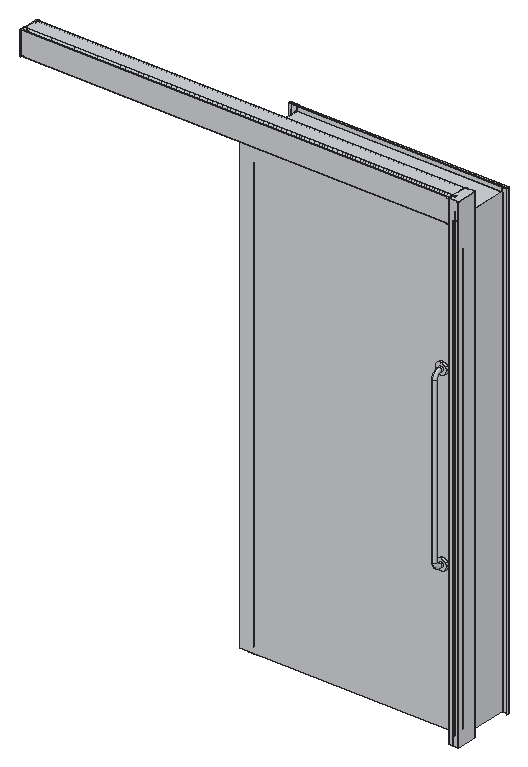
Revit family "R0000103", category Türen, Revit 2021 (continued)
Definition of nested family "BOS-Türblatt-Schiebetürzargen_Modell-21"
  Dimensions and locks
    "TAB Türblatt Außenmaß Breite": plane 3 to plane 4
    "TAH Türblatt Außenmaß Höhe": plane 8 to plane 7
    equal spacing: plane 5, plane 1, plane 6
    "Griffposition": plane 3 to plane 10 "Griff"
    "Türblattreferenz": plane 11 "LDB links" to plane 4
    "Aufdopplungstiefe": Extrusion 3 sketch curve to Extrusion 3 sketch curve
    "Aufdopplungsbreite": Extrusion 3 sketch curve to Extrusion 3 sketch curve
    "Aufdopplungslage": Extrusion 3 to plane 4
    "Griffhöhe": plane 9 to plane 7
    "Führungsnutbreite": Extrusion 2 sketch curve to Extrusion 2 sketch curve
    equal spacing: Extrusion 2 sketch curve, plane 1, Extrusion 2 sketch curve
    "Führungsnuttiefe": Extrusion 2 sketch curve to Extrusion 2 sketch curve
    "Bekleidung": plane 3 to plane 13
    "Bekleidung": plane 12 to plane 4
    aligned and locked: level to plane 2
    aligned and locked: Extrusion 1 sketch curve to plane 4
    aligned and locked: Extrusion 1 sketch curve to plane 5
    aligned and locked: Extrusion 1 sketch curve to plane 6
    aligned and locked: plane 3 to Extrusion 1 sketch curve
    aligned and locked: Extrusion 1 to plane 7
    aligned and locked: Extrusion 1 to plane 8
    aligned and locked: plane 5 to Extrusion 3 sketch curve
    aligned and locked: Extrusion 3 to plane 8
    aligned and locked: plane 7 to Extrusion 2 sketch curve
    aligned and locked: Extrusion 3 to plane 7
    aligned and locked: plane 12 to Extrusion 2
    aligned and locked: Extrusion 2 to plane 13
    aligned and locked: plane 9 to nested 1
    aligned and locked: nested 2 to plane 9
    aligned and locked: nested 2 to plane 5
    aligned and locked: plane 6 to nested 1
    aligned and locked: nested 1 to plane 10 "Griff"
    aligned and locked: nested 2 to plane 10 "Griff"
  Automatic sketch dimensions
    Extrusion 3 sketch curve to plane 10 "Griff" = 275 mm
  Nested families
    nested 1: "BOS-Stoßgriff_Modell-21" at (951, 89, 1077.5), visible <- "Stoßgriff", type "BOS-Stoßgriff_Modell-21", detail levels fine
    nested 2: "BOS-Stoßgriff_Modell-21" at (951, 129, 1077.5), visible <- "Stoßgriff", type "BOS-Stoßgriff_Modell-21", detail levels fine
  Definition of nested family "BOS-Stoßgriff_Modell-21"
    Parameters (values of type "BOS-Stoßgriff_Modell-21")
      Default Elevation = 0 mm
      URL = "www.BestOfSteel.de"
      Grifflänge = 800 mm
      Griffradius = 9 mm
      Rechtliche Hinweise = "www.BestOfSteel.de/tools-downloads/bim-building-information-modeling/"
      Model = ""
      Material - Türgriff = none
      Grifftiefe = 46 mm
      Description = "Stoßgriff"
      Keynote = "BOS Modell"
      BOS-Architekten-Beratung = "Tel.: +49 (0) 2572 203-203; E-Mail: architekten@BestOfSteel.de"
      Allgemeine Informationen zu Stahlzargen = "www.BestOfSteel.de/tools-downloads/technische-infos-rund-um-die-stahlzarge/"
    Reference planes
      plane 1: y = 0
      plane 2: z = 0
      plane 3: x = 0
      plane 4: z = 400
      plane 5: z = -400
      plane 6: y = -46
    Forms (mm)
      Sweep 1, solid, material <- "Material - Türgriff"
        path origin (0, 0, 0) x (0, 1, 0) y (0, 0, 1)
          loop
            line (-10, 400) -> (-20.5, 400)
            arc (-20.5, 400) -> (-38.531, 392.531) -> (-46, 374.5) r 25.5
            line (-46, 374.5) -> (-46, -374.5)
            arc (-46, -374.5) -> (-38.531, -392.531) -> (-20.5, -400) r 25.5
            line (-20.5, -400) -> (-10, -400)
        profile origin (0, -15.25, 400) x (0, 0, -1) y (1, 0, 0)
          loop
            circle (0, 0) r 9
      Extrusion 2, solid, material <- "Material - Türgriff"
        sketch origin (0, 0, 0) x (1, 0, 0) y (0, 0, 1)
          loop
            circle (0, 400) r 25
          loop
            circle (0, -400) r 25
        from 0 to 10
    Cuts and joins
      joined: Sweep 1, Extrusion 2
    Dimensions and locks
      equal spacing: plane 4, plane 2, plane 5
      "Grifflänge": plane 4 to plane 5
      "Grifftiefe": plane 6 to plane 1
      "Griffradius": radius of Sweep 1 sketch curve
      aligned and locked: Sweep 1 sketch curve to plane 6
      aligned and locked: Sweep 1 sketch curve to plane 5
      aligned and locked: Sweep 1 sketch curve to plane 4
    Automatic sketch dimensions
      Extrusion 2 sketch curve to plane 3 = 0 mm  (x2)
      Extrusion 2 sketch curve to plane 5 = 0 mm
      Extrusion 2 sketch curve to plane 4 = 0 mm
      Sweep 1 sketch curve to Sweep 1 sketch curve = 10.5 mm
      plane 1 to Sweep 1 sketch curve = 20.5 mm  (x2)
      plane 1 to Sweep 1 sketch curve = 10 mm
      Sweep 1 sketch curve to plane 3 = 0 mm
      Sweep 1 sketch curve to profile plane = 0 mm
      radius of Extrusion 2 sketch curve = 25 mm  (x2)
Definition of nested family "BOS-Info-Texte_Beschriftung-21"
  Parameters (values of type "Drückerhöhe Warnung")
    Unten = yes
    Schwarz = yes
    Rot = no
    Oben = no
    Info-Text En unten = "Please take the handle depth/height and/or DIN opening direction into account!"
    Info-Text De unten = "Drückertiefen/-höhen und/oder DIN Richtungen beachten/anpassen!"
    Info-Text En oben = "Kein Text"
    Englisch unten rot = and(and(Unten, Englisch), Rot)  # no
    Englisch unten schwarz = and(and(Unten, Englisch), Schwarz)  # no
    Englisch oben rot = and(and(Oben, Englisch), Rot)  # no
    Englisch oben schwarz = and(and(Oben, Englisch), Schwarz)  # no
    Info-Text De oben = "Kein Text"
    Warndreieck = yes
    Fehlerkreis = no
    Englisch = no
    Deutsch unten rot = and(and(Unten, Deutsch), Rot)  # no
    Deutsch unten schwarz = and(and(Unten, Deutsch), Schwarz)  # yes
    Deutsch oben rot = and(and(Oben, Deutsch), Rot)  # no
    Deutsch oben schwarz = and(and(Oben, Deutsch), Schwarz)  # no
    Deutsch = not(Englisch)  # yes
    Ausrufezeichen = "!"
  Types (15, lengths in mm): name | Unten | Schwarz | Rot | Oben | Info-Text En unten | Info-Text De unten | Info-Text En oben | Info-Text De oben | Warndreieck | Fehlerkreis | Deutsch unten schwarz | Deutsch oben rot | Deutsch oben schwarz
    Rechtliche Hinweise | no | yes | no | yes | "Kein Text" | "Kein Text" | "In accordance with the protection note according to DIN 34, the ownership and copyrights are reserved!\r\n© 2016 BOS GmbH, Emsdetten, Germany -\r\nObserve the ISO 16016 protective label (see ID data)!\r\n\r\nSubject to technical change!" | "Entsprechend dem Schutzvermerk nach DIN 34 behalten wir uns Eigentum und Urheberrecht vor!\r\n© 2016 BOS GmbH, Emsdetten, Deutschland -\r\nSchutzvermerk ISO 16016 beachten (siehe ID-Daten)!\r\n\r\nTechnische Änderungen vorbehalten!" | no | no | no | no | yes
    Maulweite Fehlermeldung | no | yes | no | yes | "Kein Text" | "Kein Text" | "Check the wall thickness!" | "Wandstärke prüfen!" | no | yes | no | no | yes
    Verstellbereich | no | yes | no | yes | "Kein Text" | "Kein Text" | "Adjustment area from -5 to +15mm,\r\nother adjustment areas possible" | "Verstellbereich von -5 bis +15mm\r\nanderer Verstellbereich möglich" | no | no | no | no | yes
    Verstellbereich wSvdW | no | yes | no | yes | "Kein Text" | "Kein Text" | "Adjustment area in the soffit from -2 to +15mm,\r\nother adjustment areas possible" | "Verstellbereich in der Zargenleibung von -2 bis +15mm\r\nanderer Verstellbereich möglich" | no | no | no | no | yes
    Wandartauswahl 15Nz15Z | no | yes | no | yes | "Kein Text" | "Kein Text" | "Attention for stud walls: underlay from site required!\r\nFor DIN door leaves, select larger structural wall measurements.\r\nFor selection \"stud walls\":\r\nsee 'Features' (remove tick for brick walls)" | "Achtung bei Ständerwerk: bauseitige Unterfütterung erforderlich!\r\nBei DIN-Türblatt Rohbaumaße größer wählen.\r\nFür Auswahl \"Ständerwerk\": \r\nsiehe 'Eigenschaften' (Häkchen entfernen bei Mauerwerk)." | no | no | no | no | yes
    Technische Hinweise | no | yes | no | yes | "Kein Text" | "Kein Text" | "Due to manufacturing reasons this Revit family may not be changed\r\nwithout consulting BOS!\r\n\r\nDo not mirror frames (door list)!\r\nsee ‘Features’: DIN left / DIN right\r\n\r\nThe solid and stud walls or, for example, their profiles,\r\nmust be designed so that they can reliably and sustainably\r\nabsorb the static and dynamic forces resulting\r\nfrom the load on the door element used." | "Diese Revit-Familie darf aus fertigungstechnischen Gründen\r\nnicht ohne Rücksprache mit BOS abgeändert werden!\r\n\r\nZargen nicht spiegeln (Türliste)!\r\nsiehe 'Eigenschaften': DIN links / DIN rechts\r\n\r\nDie Massiv- und Ständerwerkswände bzw. deren Profile\r\nmüssen so ausgebildet sein, dass sie die statischen\r\nund dynamischen Kräfte, welche sich aus der Belastung\r\ndes verwendeten Türelements ergeben, zuverlässig\r\nund nachhaltig aufnehmen können." | no | no | no | no | yes
    Drückerhöhe Warnung | yes | yes | no | no | "Please take the handle depth/height and/or DIN opening direction into account!" | "Drückertiefen/-höhen und/oder DIN Richtungen beachten/anpassen!" | "Kein Text" | "Kein Text" | yes | no | yes | no | no
    Maulweite-Dehnungsfuge Fehlermeldung | no | yes | no | yes | "Kein Text" | "Kein Text" | "Check the wall thickness and/or expansion joint!" | "Wandstärke und/oder Dehnungsfuge prüfen!" | no | yes | no | no | yes
    Technische Hinweise Norm | no | yes | no | yes | "Kein Text" | "Kein Text" | "Due to manufacturing reasons this Revit family may not be changed\r\nwithout consulting BOS!\r\n\r\nThe solid and stud walls or, for example, their profiles,\r\nmust be designed so that they can reliably and sustainably\r\nabsorb the static and dynamic forces resulting\r\nfrom the load on the door element used." | "Diese Revit-Familie darf aus fertigungstechnischen Gründen\r\nnicht ohne Rücksprache mit BOS abgeändert werden!\r\n\r\nDie Massiv- und Ständerwerkswände bzw. deren Profile\r\nmüssen so ausgebildet sein, dass sie die statischen\r\nund dynamischen Kräfte, welche sich aus der Belastung\r\ndes verwendeten Türelements ergeben, zuverlässig\r\nund nachhaltig aufnehmen können." | no | no | no | no | yes
    Maßauswahl | no | no | yes | yes | "Kein Text" | "Kein Text" | "To choose  Rebate Width/Height Measurement, Receiving Opening\r\nsee 'Features'" | "Auswahl von FMB, FMH, MW\r\nunter 'Eigenschaften'" | no | no | no | yes | no
    Rohbaumaß Warnung (Spiegelbreiten) | no | yes | no | yes | "Kein Text" | "Kein Text" | "For DIN door leaves, select larger structural wall measurements!\r\nWhen changing the architrave widths, the structural measurements change accordingly." | "Bei DIN-Türblatt Rohbaumaße größer wählen!\r\nBei Änderung der Spiegelbreiten, Rohbaumaße beachten." | no | no | no | no | yes
    Drehpunkt Warnung | no | yes | no | yes | "Kein Text" | "Kein Text" | "The actual pivot point of the door leaf\r\nmay differ from the one illustrated!" | "Der tatsächliche Drehpunkt des Türblattes\r\nkann von der Darstellung abweichen!" | no | no | no | no | yes
    Türblattgewicht Hinweis | no | yes | no | yes | "Kein Text" | "Kein Text" | "Attention! Take door leaf weight into account!\r\nSee Webseite" | "Achtung! Türblattgewicht beachten!\r\nSiehe Webseite" | no | no | no | no | yes
    Pendeltürbänder Hinweis | no | yes | no | yes | "Kein Text" | "Kein Text" | "Please observe the instructions for the double action spring hinges\r\ngiven by the door hinge manufacturer Frivado\r\nregarding door leaf width, height and thickness!" | "Die Angaben zu den Pendeltürbändern\r\ndes Herstellers Fridavo beachten: zu \r\nTürblattbreite, -höhe, -dicke und -gewicht!" | no | no | no | no | yes
    Rohbaumaß Warnung | no | yes | no | yes | "Kein Text" | "Kein Text" | "For DIN door leaves, select larger structural wall measurements!" | "Bei DIN-Türblatt Rohbaumaße größer wählen!" | no | no | no | no | yes
  Reference planes
    plane 1: y = 0.955
    plane 2: x = 0
  Lines and regions (mm)
    Filled region 1, type "Gefüllter Bereich Gelb", visible <- "Warndreieck"
      outline origin (-7.188, 1.747, 0) x (1, 0, 0) y (0, 1, 0)
        loop
          line (5.951, -3.033) -> (8.413, -3.033) -> (7.182, -0.9) -> (5.951, -3.033)
    Filled region 2, type "Gefüllter Bereich Rot", visible <- "Fehlerkreis"
      outline origin (0, -3.763, 0) x (1, 0, 0) y (0, 1, 0)
        loop
          circle (0, 3.1) r 1.5
        loop
          line (-0.937, 3.486) -> (-0.937, 2.686) -> (1.023, 2.686) -> (1.023, 3.486) -> (-0.937, 3.486)
    Filled region 3, type "Gefüllter Bereich Weiss", visible <- "Fehlerkreis"
      outline origin (-7.014, -2.062, 0) x (1, 0, 0) y (0, 1, 0)
        loop
          line (6.077, 1.785) -> (6.077, 0.985) -> (8.038, 0.985) -> (8.038, 1.785) -> (6.077, 1.785)
  Text (mm)
    label "Info-Text De oben schwarz" at (0.065, 1.415, 0), shows "Info-Text De oben", visible <- "Deutsch oben schwarz"
    label "!" at (0.065, -0.414, 0), shows "Ausrufezeichen", visible <- "Warndreieck"
    label "Info-Text En oben schwarz" at (0.065, 1.415, 0), shows "Info-Text En oben", visible <- "Englisch oben schwarz"
    label "Info-Text De unten schwarz" at (0.218, -2.468, 0), shows "Info-Text De unten", visible <- "Deutsch unten schwarz"
    label "Info-Text En unten schwarz" at (0.065, -2.419, 0), shows "Info-Text En unten", visible <- "Englisch unten schwarz"
    label "Info-Text En oben rot" at (0.065, 1.415, 0), shows "Info-Text En oben", visible <- "Englisch oben rot"
    label "Info-Text En unten rot" at (0.065, -2.419, 0), shows "Info-Text En unten", visible <- "Englisch unten rot"
    label "Info-Text De unten rot" at (0.065, -2.419, 0), shows "Info-Text De unten", visible <- "Deutsch unten rot"
    label "Info-Text De oben rot" at (-0.371, 1.396, 0), shows "Info-Text De oben", visible <- "Deutsch oben rot"
Definition of nested family "BOS-Logo_Modell-21"
  Parameters (values of type "BOS-Logo_Modell-21")
    Default Elevation = 0 mm
    URL = "www.BestOfSteel.de"
    Rechtliche Hinweise = "www.BestOfSteel.de/tools-downloads/bim-building-information-modeling/"
    Description = "BOS Logo"
    Keynote = "BOS Logo"
    BOS-Architekten-Beratung = "Tel.: +49 (0) 2572 203-203; E-Mail: architekten@BestOfSteel.de"
    Technische Infos rund um die Stahlzarge = "www.BestOfSteel.de/tools-downloads/technische-infos-rund-um-die-stahlzarge/"
    Abstand vertikal = 10 mm
    Abstand horizontal = 8.5 mm
  Reference planes
    plane 1: y = 0
    plane 2: z = 0
    plane 3: x = 0
    plane 4: x = -7
    plane 5: x = 7
    plane 6: y = 8.299
    plane 7: x = 8.5
    plane 8: y = 4.15
    plane 9: x = -8.5
    plane 10: y = 14.15
    plane 11: y = -5.85
  Dimensions and locks
    plane 4 to plane 3 to plane 5 = 7 mm, 7 mm
    "Abstand vertikal": plane 11 to plane 8 to plane 10
    plane 6 to plane 8 to plane 1 = 4.15 mm, 4.15 mm
    "Abstand horizontal": plane 9 to plane 3
    "Abstand horizontal": plane 3 to plane 7
    aligned and locked: level to plane 2
Definition of nested family "BOS-loser-Nagelanker-SvdW-D(SK2)_Detail-21"
  Parameters (values of type "BOS loser Nagelanker links SvdW-D(SK2)")
    URL = "www.BestOfSteel.de"
    Rechtliche Hinweise = "www.BestOfSteel.de/tools-downloads/bim-building-information-modeling/"
    Nagelanker vorne = yes
    MW Maulweite = 200 mm
    BOS-Architekten-Beratung = "Tel.: +49 (0) 2572 203-203; E-Mail: architekten@BestOfSteel.de"
    Technische Infos rund um die Stahlzarge = "www.BestOfSteel.de/tools-downloads/technische-infos-rund-um-die-stahlzarge/"
    Manufacturer = "BOS GmbH Best Of Steel, Lütkenfelde 4, D-48282 Emsdetten"
    Einfügepunkt = 37 mm
    Blechstärke = 1.5 mm
    Description = "loser Nagelanker für LineaOutside"
    Keynote = "BOS Detail"
    Abstandwinkel vorne = not(Nagelanker vorne)  # no
  Types (2, lengths in mm): name | Nagelanker vorne | Abstandwinkel vorne
    BOS loser Nagelanker rechts SvdW-D(SK2) | no | yes
    BOS loser Nagelanker links SvdW-D(SK2) | yes | no
  Reference planes
    plane 1: z = 0
    plane 2: y = 150
    plane 3: x = -15
    plane 4: y = -50
    plane 5: y = 135
    plane 6: x = 20.5
    plane 7: x = -135
    plane 8: x = 22
    plane 9: x = -10
    plane 10: y = 50
    plane 11: y = -35
  Lines and regions (mm)
    detail lines, in view "Ref.-Ebene"
      curve 1: line (-135, 135, 0) -> (-10, 135, 0)
      curve 2: line (-10, 135, 0) -> (-10, -35, 0)
      curve 3: line (-10, -35, 0) -> (-135, -35, 0)
      curve 4: line (-15, 135, 0) -> (-15, -35, 0)
      curve 58: arc (-19.202, 135, 0) -> (-18.228, 135.12, 0) -> (-17.313, 135.474, 0) r 4
      curve 59: arc (-3.947, 145.443, 0) -> (-4.914, 145.337, 0) -> (-5.836, 145.026, 0) r 4.486
      curve 60: arc (15.664, 142.5, 0) -> (20.572, 146.685, 0) -> (17.215, 152.192, 0) r 4.97
      curve 61: arc (15.664, 145.443, 0) -> (17.65, 147.062, 0) -> (16.465, 149.333, 0) r 2.027
      curve 62: arc (7.685, 153.348, 0) -> (10.047, 151.387, 0) -> (12.882, 150.207, 0) r 10.319
      curve 63: line (-4.198, 142.5, 0) -> (-17.313, 135.474, 0)
      curve 64: line (-5.836, 145.026, 0) -> (-18.951, 138, 0)
      curve 65: line (-18.951, 138, 0) -> (-84.231, 138, 0)
      curve 66: line (17.215, 152.192, 0) -> (-6.189, 158.2, 0)
      curve 67: line (-6.189, 158.2, 0) -> (-6.5, 156.989, 0)
      curve 68: line (12.882, 150.207, 0) -> (16.465, 149.333, 0)
      curve 69: line (15.664, 142.5, 0) -> (-4.198, 142.5, 0)
      curve 70: line (15.664, 145.443, 0) -> (-3.947, 145.443, 0)
      curve 71: line (-19.202, 135, 0) -> (-104.365, 135, 0)
      curve 72: arc (-89.72, 136.25, 0) -> (-87.104, 137.529, 0) -> (-84.231, 138, 0) r 9.994
      curve 73: line (-104.365, 135, 0) -> (-104.365, 136.25, 0)
      curve 75: arc (-19.202, 136.25, 0) -> (-18.532, 136.333, 0) -> (-17.903, 136.576, 0) r 2.75
      curve 76: arc (-3.947, 143.75, 0) -> (-4.495, 143.682, 0) -> (-5.009, 143.483, 0) r 2.25
      curve 77: arc (15.488, 143.75, 0) -> (19.175, 146.813, 0) -> (16.839, 150.998, 0) r 3.75
      curve 78: line (-19.202, 136.25, 0) -> (-104.365, 136.25, 0)
      curve 79: line (-5.009, 143.483, 0) -> (-17.903, 136.576, 0)
      curve 80: line (-23.512, 136.25, 0) -> (-23.512, 135, 0)
      curve 81: line (-6.5, 156.989, 0) -> (16.839, 150.998, 0)
      curve 82: line (15.488, 143.75, 0) -> (-3.947, 143.75, 0)
    detail lines, in view "Ref.-Ebene", visible <- "Abstandwinkel vorne"
      curve 5: arc (20.5, -46, 0) -> (19.328, -48.828, 0) -> (16.5, -50, 0) r 4
      curve 6: arc (17.5, -46, 0) -> (17.207, -46.707, 0) -> (16.5, -47, 0) r 1
      curve 7: arc (15.5, -36, 0) -> (16.207, -36.293, 0) -> (16.5, -37, 0) r 1
      curve 8: arc (15.5, -35, 0) -> (16.914, -35.586, 0) -> (17.5, -37, 0) r 2
      curve 9: line (15.5, -35, 0) -> (-107.5, -35, 0)
      curve 10: line (16.5, -50, 0) -> (0.5, -50, 0)
      curve 11: line (0.5, -50, 0) -> (0.5, -47, 0)
      curve 12: line (0.5, -47, 0) -> (16.5, -47, 0)
      curve 13: line (15.5, -36, 0) -> (-107.5, -36, 0)
      curve 14: line (16.5, -37, 0) -> (16.5, -46, 0)
      curve 15: line (16.5, -46, 0) -> (17.5, -46, 0)
      curve 16: line (17.5, -46, 0) -> (17.5, -15, 0)
      curve 17: line (17.5, -15, 0) -> (20.5, -15, 0)
      curve 18: line (20.5, -15, 0) -> (20.5, -46, 0)
      curve 83: line (-107.5, -35, 0) -> (-107.5, -36, 0)
    detail lines, in view "Ref.-Ebene", visible <- "Abstandwinkel vorne", not visible
      curve 19: arc (130.325, 97.294, 0) -> (129.153, 94.466, 0) -> (126.325, 93.294, 0) r 4
      curve 20: arc (127.325, 97.294, 0) -> (127.032, 96.587, 0) -> (126.325, 96.294, 0) r 1
      curve 21: arc (125.325, 107.294, 0) -> (126.032, 107.001, 0) -> (126.325, 106.294, 0) r 1
      curve 22: arc (125.325, 108.294, 0) -> (126.739, 107.708, 0) -> (127.325, 106.294, 0) r 2
      curve 23: line (125.325, 108.294, 0) -> (2.325, 108.294, 0)
      curve 24: line (126.325, 93.294, 0) -> (110.325, 93.294, 0)
      curve 25: line (110.325, 93.294, 0) -> (110.325, 96.294, 0)
      curve 26: line (110.325, 96.294, 0) -> (126.325, 96.294, 0)
      curve 27: line (125.325, 107.294, 0) -> (2.325, 107.294, 0)
      curve 28: line (126.325, 106.294, 0) -> (126.325, 97.294, 0)
      curve 29: line (126.325, 97.294, 0) -> (127.325, 97.294, 0)
      curve 30: line (127.325, 97.294, 0) -> (127.325, 128.294, 0)
      curve 31: line (127.325, 128.294, 0) -> (130.325, 128.294, 0)
      curve 32: line (130.325, 128.294, 0) -> (130.325, 97.294, 0)
      curve 84: line (2.325, 108.294, 0) -> (2.325, 107.294, 0)
    detail lines, in view "Ref.-Ebene", not visible
      curve 33: arc (-156.874, -155.441, 0) -> (-155.9, -155.562, 0) -> (-154.985, -155.915, 0) r 4
      curve 34: arc (-141.619, -165.884, 0) -> (-142.586, -165.779, 0) -> (-143.507, -165.467, 0) r 4.486
      curve 35: arc (-122.007, -162.941, 0) -> (-117.1, -167.126, 0) -> (-120.456, -172.633, 0) r 4.97
      curve 36: arc (-122.007, -165.884, 0) -> (-120.022, -167.503, 0) -> (-121.207, -169.774, 0) r 2.027
      curve 37: arc (-129.986, -173.789, 0) -> (-127.624, -171.828, 0) -> (-124.79, -170.648, 0) r 10.319
      curve 38: line (-141.87, -162.941, 0) -> (-154.985, -155.915, 0)
      curve 39: line (-143.507, -165.467, 0) -> (-156.623, -158.441, 0)
      curve 40: line (-156.623, -158.441, 0) -> (-221.903, -158.441, 0)
      curve 41: line (-120.456, -172.633, 0) -> (-143.861, -178.641, 0)
      curve 42: line (-143.861, -178.641, 0) -> (-144.172, -177.43, 0)
      curve 43: line (-124.79, -170.648, 0) -> (-121.207, -169.774, 0)
      curve 44: line (-122.007, -162.941, 0) -> (-141.87, -162.941, 0)
      curve 45: line (-122.007, -165.884, 0) -> (-141.619, -165.884, 0)
      curve 46: line (-156.874, -155.441, 0) -> (-242.036, -155.441, 0)
      curve 47: arc (-227.391, -156.691, 0) -> (-224.776, -157.97, 0) -> (-221.903, -158.441, 0) r 9.994
      curve 48: line (-242.036, -155.441, 0) -> (-242.036, -156.691, 0)
      curve 50: arc (-156.874, -156.691, 0) -> (-156.204, -156.774, 0) -> (-155.575, -157.017, 0) r 2.75
      curve 51: arc (-141.619, -164.191, 0) -> (-142.166, -164.123, 0) -> (-142.681, -163.925, 0) r 2.25
      curve 52: arc (-122.183, -164.191, 0) -> (-118.497, -167.254, 0) -> (-120.833, -171.44, 0) r 3.75
      curve 53: line (-156.874, -156.691, 0) -> (-242.036, -156.691, 0)
      curve 54: line (-142.681, -163.925, 0) -> (-155.575, -157.017, 0)
      curve 55: line (-161.183, -156.691, 0) -> (-161.183, -155.441, 0)
      curve 56: line (-144.172, -177.43, 0) -> (-120.833, -171.44, 0)
      curve 57: line (-122.183, -164.191, 0) -> (-141.619, -164.191, 0)
    reference lines, in view "Ref.-Ebene", not visible
      curve 49: line (-117.172, -159.474, 0) -> (-117.172, -179.474, 0)
      curve 134: line (-107.172, -159.474, 0) -> (-107.172, -179.474, 0)
    reference lines, in view "Ref.-Ebene"
      curve 74: line (20.5, 139.033, 0) -> (20.5, 159.033, 0)
      curve 133: line (20.5, -39.033, 0) -> (20.5, -59.033, 0)
    detail lines, in view "Ref.-Ebene", visible <- "Nagelanker vorne"
      curve 85: arc (-29.202, -35, 0) -> (-28.228, -35.12, 0) -> (-27.313, -35.474, 0) r 4
      curve 86: arc (-13.947, -45.443, 0) -> (-14.914, -45.337, 0) -> (-15.836, -45.026, 0) r 4.486
      curve 87: arc (5.664, -42.5, 0) -> (10.572, -46.685, 0) -> (7.215, -52.192, 0) r 4.97
      curve 88: arc (5.664, -45.443, 0) -> (7.65, -47.062, 0) -> (6.465, -49.333, 0) r 2.027
      curve 89: arc (-2.315, -53.348, 0) -> (0.047, -51.387, 0) -> (2.882, -50.207, 0) r 10.319
      curve 90: line (-14.198, -42.5, 0) -> (-27.313, -35.474, 0)
      curve 91: line (-15.836, -45.026, 0) -> (-28.951, -38, 0)
      curve 92: line (-28.951, -38, 0) -> (-94.231, -38, 0)
      curve 93: line (7.215, -52.192, 0) -> (-16.189, -58.2, 0)
      curve 94: line (-16.189, -58.2, 0) -> (-16.5, -56.989, 0)
      curve 95: line (2.882, -50.207, 0) -> (6.465, -49.333, 0)
      curve 96: line (5.664, -42.5, 0) -> (-14.198, -42.5, 0)
      curve 97: line (5.664, -45.443, 0) -> (-13.947, -45.443, 0)
      curve 98: line (-29.202, -35, 0) -> (-114.365, -35, 0)
      curve 99: arc (-99.72, -36.25, 0) -> (-97.104, -37.529, 0) -> (-94.231, -38, 0) r 9.994
      curve 100: line (-114.365, -35, 0) -> (-114.365, -36.25, 0)
      curve 101: arc (-29.202, -36.25, 0) -> (-28.532, -36.333, 0) -> (-27.903, -36.576, 0) r 2.75
      curve 102: arc (-13.947, -43.75, 0) -> (-14.495, -43.682, 0) -> (-15.009, -43.483, 0) r 2.25
      curve 103: arc (5.488, -43.75, 0) -> (9.175, -46.813, 0) -> (6.839, -50.998, 0) r 3.75
      curve 104: line (-29.202, -36.25, 0) -> (-114.365, -36.25, 0)
      curve 105: line (-15.009, -43.483, 0) -> (-27.903, -36.576, 0)
      curve 106: line (-33.512, -36.25, 0) -> (-33.512, -35, 0)
      curve 107: line (-16.5, -56.989, 0) -> (6.839, -50.998, 0)
      curve 108: line (5.488, -43.75, 0) -> (-13.947, -43.75, 0)
    detail lines, in view "Ref.-Ebene", visible <- "Nagelanker vorne", not visible
      curve 109: arc (-156.874, -155.441, 0) -> (-155.9, -155.562, 0) -> (-154.985, -155.915, 0) r 4
      curve 110: arc (-141.619, -165.884, 0) -> (-142.586, -165.779, 0) -> (-143.507, -165.467, 0) r 4.486
      curve 111: arc (-122.007, -162.941, 0) -> (-117.1, -167.126, 0) -> (-120.456, -172.633, 0) r 4.97
      curve 112: arc (-122.007, -165.884, 0) -> (-120.022, -167.503, 0) -> (-121.207, -169.774, 0) r 2.027
      curve 113: arc (-129.986, -173.789, 0) -> (-127.624, -171.828, 0) -> (-124.79, -170.648, 0) r 10.319
      curve 114: line (-141.87, -162.941, 0) -> (-154.985, -155.915, 0)
      curve 115: line (-143.507, -165.467, 0) -> (-156.623, -158.441, 0)
      curve 116: line (-156.623, -158.441, 0) -> (-221.903, -158.441, 0)
      curve 117: line (-120.456, -172.633, 0) -> (-143.861, -178.641, 0)
      curve 118: line (-143.861, -178.641, 0) -> (-144.172, -177.43, 0)
      curve 119: line (-124.79, -170.648, 0) -> (-121.207, -169.774, 0)
      curve 120: line (-122.007, -162.941, 0) -> (-141.87, -162.941, 0)
      curve 121: line (-122.007, -165.884, 0) -> (-141.619, -165.884, 0)
      curve 122: line (-156.874, -155.441, 0) -> (-242.036, -155.441, 0)
      curve 123: arc (-227.391, -156.691, 0) -> (-224.776, -157.97, 0) -> (-221.903, -158.441, 0) r 9.994
      curve 124: line (-242.036, -155.441, 0) -> (-242.036, -156.691, 0)
      curve 125: arc (-156.874, -156.691, 0) -> (-156.204, -156.774, 0) -> (-155.575, -157.017, 0) r 2.75
      curve 126: arc (-141.619, -164.191, 0) -> (-142.166, -164.123, 0) -> (-142.681, -163.925, 0) r 2.25
      curve 127: arc (-122.183, -164.191, 0) -> (-118.497, -167.254, 0) -> (-120.833, -171.44, 0) r 3.75
      curve 128: line (-156.874, -156.691, 0) -> (-242.036, -156.691, 0)
      curve 129: line (-142.681, -163.925, 0) -> (-155.575, -157.017, 0)
      curve 130: line (-161.183, -156.691, 0) -> (-161.183, -155.441, 0)
      curve 131: line (-144.172, -177.43, 0) -> (-120.833, -171.44, 0)
      curve 132: line (-122.183, -164.191, 0) -> (-141.619, -164.191, 0)
  Dimensions and locks
    plane 2 to plane 5 = 15 mm
    plane 7 to plane 3 = 120 mm
    "Blechstärke": plane 6 to plane 8
    "Einfügepunkt": plane 3 to plane 8
    plane 3 to plane 9 = 5 mm
    plane 11 to plane 4 = 15 mm
    "MW Maulweite": plane 2 to plane 4
    equal spacing: plane 2, plane 10, plane 4
    aligned and locked: curve 71 to plane 5
    aligned and locked: curve 18 to plane 6
    aligned and locked: plane 4 to curve 10
    aligned and locked: plane 11 to curve 98
    aligned and locked: curve 9 to curve 3
    aligned and locked: curve 133 to plane 6
    aligned and locked: plane 6 to curve 74
  Automatic sketch dimensions
    curve 35 to curve 36 = 0 mm  (x4)
    curve 48 to curve 40 = 20.134 mm
    curve 40 to curve 47 = 0.163 mm
    curve 40 to curve 53 = 65.029 mm
    curve 33 to curve 39 = 0.251 mm
    curve 50 to curve 54 = 1.299 mm
    curve 54 to curve 38 = 0.59 mm
    curve 33 to curve 42 = 12.702 mm
    curve 42 to curve 42 = 0.311 mm
    curve 42 to curve 39 = 0.664 mm
    curve 39 to curve 54 = 0.826 mm
    curve 54 to curve 38 = 0.812 mm
    curve 38 to curve 34 = 0.251 mm
    curve 51 to curve 34 = 0 mm
    curve 34 to curve 43 = 16.829 mm
    curve 43 to curve 37 = 2.503 mm
    curve 37 to curve 57 = 2.606 mm
    curve 52 to curve 45 = 0.176 mm
    curve 35 to curve 43 = 0.8 mm
    curve 36 to curve 56 = 0.374 mm
    curve 52 to curve 41 = 0.377 mm
    curve 48 to curve 47 = 6.993 mm
    curve 38 to curve 33 = 0.474 mm
    curve 53 to curve 33 = 1.25 mm
    curve 34 to curve 38 = 5.482 mm
    curve 51 to curve 34 = 0.544 mm
    curve 44 to curve 51 = 1 mm
    curve 54 to curve 38 = 0.983 mm
    curve 39 to curve 51 = 1.543 mm
    curve 35 to curve 45 = 2.027 mm
    curve 52 to curve 35 = 0.03 mm
    curve 43 to curve 36 = 0.874 mm
    curve 37 to curve 35 = 8.026 mm
    curve 47 to curve 47 = 5.489 mm
    curve 55 to curve 33 = 4.31 mm
    curve 33 to curve 50 = 0 mm  (x4)
    curve 49 to curve 49 = 20 mm
    curve 60 to curve 61 = 0 mm  (x4)
    curve 73 to curve 65 = 20.134 mm
    curve 65 to curve 72 = 0.163 mm
    curve 65 to curve 78 = 65.029 mm
    curve 58 to curve 64 = 0.251 mm
    curve 75 to curve 79 = 1.299 mm
    curve 79 to curve 63 = 0.59 mm
    curve 58 to curve 67 = 12.702 mm
    curve 67 to curve 67 = 0.311 mm
    curve 67 to curve 64 = 0.664 mm
    curve 64 to curve 79 = 0.826 mm
    curve 79 to curve 63 = 0.812 mm
    curve 63 to curve 59 = 0.251 mm
    curve 76 to curve 59 = 0 mm
    curve 59 to curve 68 = 16.829 mm
    curve 68 to curve 62 = 2.503 mm
    curve 62 to curve 82 = 2.606 mm
    curve 77 to curve 70 = 0.176 mm
    curve 60 to curve 68 = 0.8 mm
    curve 61 to curve 81 = 0.374 mm
    curve 77 to curve 66 = 0.377 mm
    curve 72 to curve 73 = 6.993 mm
    curve 58 to curve 63 = 0.474 mm
    curve 58 to curve 78 = 1.25 mm
    curve 63 to curve 59 = 5.482 mm
    curve 59 to curve 76 = 0.544 mm
    curve 76 to curve 69 = 1 mm
    curve 63 to curve 79 = 0.983 mm
    curve 76 to curve 64 = 1.543 mm
    curve 70 to curve 60 = 2.027 mm
    curve 60 to curve 77 = 0.03 mm
    curve 61 to curve 68 = 0.874 mm
    curve 60 to curve 62 = 8.026 mm
    curve 72 to curve 72 = 5.489 mm
    curve 80 to curve 58 = 4.31 mm
    curve 58 to curve 75 = 0 mm  (x4)
    curve 74 to curve 74 = 20 mm
    curve 5 to curve 6 = 0 mm  (x4)
    curve 7 to curve 8 = 0 mm  (x4)
    curve 83 to curve 11 = 108 mm
    curve 11 to curve 8 = 15 mm
    curve 7 to curve 10 = 1 mm
    curve 15 to curve 5 = 0 mm
    curve 5 to curve 15 = 1 mm
    curve 15 to curve 18 = 3 mm
    curve 5 to curve 7 = 9 mm
    curve 9 to curve 18 = 20 mm
    curve 19 to curve 20 = 0 mm  (x4)
    curve 21 to curve 22 = 0 mm  (x4)
    curve 84 to curve 25 = 108 mm
    curve 25 to curve 22 = 15 mm
    curve 21 to curve 24 = 1 mm
    curve 29 to curve 19 = 0 mm
    curve 19 to curve 29 = 1 mm
    curve 29 to curve 32 = 3 mm
    curve 19 to curve 21 = 9 mm
    curve 23 to curve 32 = 20 mm
    curve 85 to curve 101 = 0 mm  (x2)
    curve 87 to curve 88 = 0 mm  (x2)
    curve 100 to curve 92 = 20.134 mm
    curve 92 to curve 99 = 0.163 mm
    curve 92 to curve 85 = 65.029 mm
    curve 101 to curve 91 = 0.251 mm
    curve 104 to curve 105 = 1.299 mm
    curve 101 to curve 90 = 0.59 mm
    curve 85 to curve 107 = 12.702 mm
    curve 94 to curve 93 = 0.311 mm
    curve 94 to curve 91 = 0.664 mm
    curve 91 to curve 105 = 0.826 mm
    curve 102 to curve 90 = 0.812 mm
    curve 86 to curve 97 = 1.889 mm
    curve 102 to curve 108 = 1.062 mm
    curve 97 to curve 95 = 16.829 mm
    curve 89 to curve 89 = 2.503 mm
    curve 89 to curve 108 = 2.606 mm
    curve 103 to curve 87 = 0.176 mm
    curve 87 to curve 95 = 0.8 mm
    curve 88 to curve 107 = 0.374 mm
    curve 103 to curve 93 = 0.377 mm
    curve 89 to curve 93 = 2.019 mm
    curve 93 to curve 94 = 1.211 mm
    curve 107 to curve 95 = 0.791 mm
    curve 103 to curve 95 = 1.666 mm
    curve 95 to curve 103 = 1.833 mm
    curve 103 to curve 87 = 0.03 mm
    curve 86 to curve 91 = 0.417 mm
    curve 102 to curve 105 = 0.267 mm
    curve 86 to curve 101 = 6.026 mm
    curve 101 to curve 92 = 1 mm
    curve 91 to curve 105 = 1.424 mm
    curve 101 to curve 90 = 1.102 mm
    curve 99 to curve 99 = 8.243 mm
    curve 106 to curve 104 = 4.31 mm
    curve 109 to curve 125 = 0 mm  (x2)
    curve 111 to curve 112 = 0 mm  (x2)
    curve 124 to curve 116 = 20.134 mm
    curve 116 to curve 123 = 0.163 mm
    curve 116 to curve 109 = 65.029 mm
    curve 125 to curve 115 = 0.251 mm
    curve 128 to curve 129 = 1.299 mm
    curve 125 to curve 114 = 0.59 mm
    curve 109 to curve 131 = 12.702 mm
    curve 118 to curve 117 = 0.311 mm
    curve 118 to curve 115 = 0.664 mm
    curve 115 to curve 129 = 0.826 mm
    curve 126 to curve 114 = 0.812 mm
    curve 110 to curve 121 = 1.889 mm
    curve 126 to curve 132 = 1.062 mm
    curve 121 to curve 119 = 16.829 mm
    curve 113 to curve 113 = 2.503 mm
    curve 113 to curve 132 = 2.606 mm
    curve 127 to curve 111 = 0.176 mm
    curve 111 to curve 119 = 0.8 mm
    curve 112 to curve 131 = 0.374 mm
    curve 127 to curve 117 = 0.377 mm
    curve 113 to curve 117 = 2.019 mm
    curve 117 to curve 118 = 1.211 mm
    curve 131 to curve 119 = 0.791 mm
    curve 127 to curve 119 = 1.666 mm
    curve 119 to curve 127 = 1.833 mm
    curve 127 to curve 111 = 0.03 mm
    curve 110 to curve 115 = 0.417 mm
    curve 126 to curve 129 = 0.267 mm
    curve 110 to curve 125 = 6.026 mm
    curve 125 to curve 116 = 1 mm
    curve 115 to curve 129 = 1.424 mm
    curve 125 to curve 114 = 1.102 mm
    curve 123 to curve 123 = 8.243 mm
    curve 130 to curve 128 = 4.31 mm
    curve 3 to plane 7 = 0 mm
    plane 5 to curve 1 = 0 mm
    curve 1 to plane 7 = 0 mm
    curve 4 to plane 3 = 0 mm
    curve 3 to plane 9 = 0 mm
    curve 133 to curve 133 = 20 mm
    curve 134 to curve 134 = 20 mm
